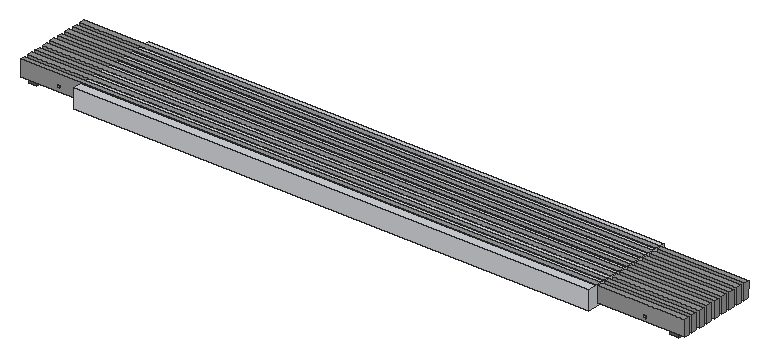
Revit family "1213-9, Veneer", category Generic Models, host Face, Revit 2020
Family settings
  Host = Face
  Can host rebar = No
  Round Connector Dimension = Use Diameter
  Part Type = Normal
  Cut with Voids When Loaded = No
  Shared = No
  Room Calculation Point = No
Parameters
  min_value [instance] = 1' - 11 1/4"  # constant formula
  max_value [instance] = 9' - 11 1/4"  # constant formula
  actual_value [instance] = if(NET LENGTH < min_value, min_value, if(NET LENGTH > max_value, max_value, NET LENGTH))  # 7' - 11 1/4"
  NET LENGTH [instance] = 7' - 11 1/4"
  IMPORTANT NOTE!!!                                                                             *Backer & dowel layout is for visualization purposes only, final layout to be determined by 9Wood. [instance] = ""
  Default Elevation = 4' - 0"
  DOWEL RADIUS [instance] = 0' - 0 1/4"  # constant formula
  BACKING M MATERIAL [instance] = BLACK-BACKERS
  .. MEMBER WIDTH [instance] = 0' - 0 3/4"  # constant formula
  .. MEMBER MATERIAL [instance] = Veneer Cherry
  .. MEMBER DEPTH [instance] = 0' - 2 1/4"  # constant formula
  .. MEMBER COUNT [instance] = 9  # constant formula
Reference planes (in)
  plane 1 "Center (Front/Back)": y = 0
  plane 2: z = 2.726
  plane 3 "Center (Left/Right)": x = 0
Forms (in)
  Extrusion 1, solid
    sketch origin (15, -0.86619, -0.99308) x (0, 1, 0) y (-1, 0, 0)
      loop
        line (3.42869, -23.66817) -> (3.42869, 50.25) -> (-10, 50.25) -> (-10, -23.66817) -> (3.42869, -23.66817)
    from 3.71908 to 1.00111
Dimensions and locks (in)
  aligned and locked: plane 2 to Extrusion 1
Nested families (in)
  nested 1: "1200 Series" at (-44, -2, 1.87867), NET LENGTH <- "actual_value", DOWEL RADII <- "DOWEL RADIUS", .. MEMBER WIDTH <- ".. MEMBER WIDTH", .. MEMBER DEPTH <- ".. MEMBER DEPTH", .. MEMBER MATERIAL <- ".. MEMBER MATERIAL", BACKING M MATERIAL <- "BACKING M MATERIAL", .. MEMBER COUNT <- ".. MEMBER COUNT", type "1200 Series"
    with X 7' - 4", WIDTH 1' - 0 1/16", Space 0' - 0 11/16", START 0' - 0 3/8", SCRIM MATERIAL SCRIM, SCRIM 3 8' - 1", SCRIM 2 0' - 0 7/8", SCRIM 1 0' - 0 3/32", SCRIM yes, NET LENGTH 7' - 11 1/4", N 8, INSET 3 0' - 0 3/16", INSET 0' - 1", INDEX 0' - 5 5/8", END BACKER yes, DOWEL RADII 0' - 0 1/4", DOWEL COUNT 8, BACKING M WIDTH 0' - 1 1/4", BACKING M MATERIAL BLACK-BACKERS, BACKING M LENGTH 0' - 11 7/8", BACKING M DEPTH 0' - 0 1/2", .. MEMBER WIDTH 0' - 0 3/4", .. MEMBER OC TYP 0' - 1.33333", .. MEMBER MATERIAL Veneer Cherry, .. MEMBER DEPTH 0' - 2 1/4", .. MEMBER COUNT 9
Definition of nested family "1200 Series"
  Parameters (values of type "1200 Series")
    X [instance] = NET LENGTH - (0' 3 5/8" * 2)  # 6' - 2"
    WIDTH [instance] = 1' - 0 1/16"
    Space [instance] = 0' - 0 11/16"  # constant formula
    START [instance] = .. MEMBER WIDTH / 2  # 0' - 0 3/8"
    SCRIM MATERIAL [instance] = none
    SCRIM 3 [instance] = NET LENGTH + (SCRIM 2 * 2)  # 6' - 11"
    SCRIM 2 [instance] = 0' - 0 7/8"
    SCRIM 1 [instance] = 0' - 0 3/32"
    SCRIM [instance] = yes
    NET LENGTH [instance] = 6' - 9 1/4"
    N [instance] = if((X - (rounddown(X / 1' 0") * 1' 0")) > 1' 0", rounddown(X / 1' 0") + 2, rounddown(X / 1' 0") + 1)  # 7
    INSET 3 [instance] = 0' - 0 3/16"
    INSET [instance] = 0' - 1"
    INDEX [instance] = (NET LENGTH - ((N - 1) * 1' 0")) / 2  # 0' - 4 5/8"
    END BACKER [instance] = yes
    Default Elevation = 0' - 0"
    DOWEL RADII [instance] = 0' - 0 1/4"
    DOWEL COUNT [instance] = N  # 7
    BACKING M WIDTH [instance] = 0' - 1 1/4"
    BACKING M MATERIAL [instance] = none
    BACKING M LENGTH [instance] = 0' - 11 7/8"
    BACKING M DEPTH [instance] = 0' - 0 1/2"
    .. MEMBER WIDTH [instance] = 0' - 0 3/4"
    .. MEMBER OC TYP [instance] = 1' 0" / .. MEMBER COUNT  # 0' - 3"
    .. MEMBER MATERIAL [instance] = none
    .. MEMBER DEPTH [instance] = 0' - 1 3/8"
    .. MEMBER COUNT [instance] = 4
  Reference planes (in)
    plane 1 "Center (Front/Back)": y = -7.5
    plane 2: z = 0
    plane 3 "Center (Left/Right)": x = 0
    plane 4: x = 1
    plane 5: x = 4.625
    plane 6: x = 81.25
    plane 7: x = 80.25
    plane 8: x = 16.625
    plane 9: y = -7.3125
    plane 10: y = -4.125
    plane 11: y = -7.125
    plane 12: y = 4.5625
    plane 13: y = -4.5
    plane 14: y = -7.59375
    plane 15: x = 82.125
    plane 16: y = 4.65625
    plane 17: x = -0.875
    plane 18: z = -1.375
    plane 19: z = -0.6875
  Lines and regions (in)
    model lines
      curve 1: line (4.375, -7.5, -0.6875) -> (4.875, -7.5, -0.6875)
    model lines, not visible
      curve 2: line (4.625, -7.5, -0.9375) -> (4.625, -7.5, -0.4375)
      curve 3: line (4.375, -7.5, -0.6875) -> (4.875, -7.5, -0.6875)
      curve 4: line (16.625, -7.5, -0.9375) -> (16.625, -7.5, -0.4375)
      curve 5: line (16.375, -7.5, -0.6875) -> (16.875, -7.5, -0.6875)
      curve 6: line (28.625, -7.5, -0.9375) -> (28.625, -7.5, -0.4375)
      curve 7: line (28.375, -7.5, -0.6875) -> (28.875, -7.5, -0.6875)
      curve 8: line (40.625, -7.5, -0.9375) -> (40.625, -7.5, -0.4375)
      curve 9: line (40.375, -7.5, -0.6875) -> (40.875, -7.5, -0.6875)
      curve 10: line (52.625, -7.5, -0.9375) -> (52.625, -7.5, -0.4375)
      curve 11: line (52.375, -7.5, -0.6875) -> (52.875, -7.5, -0.6875)
      curve 12: line (64.625, -7.5, -0.9375) -> (64.625, -7.5, -0.4375)
      curve 13: line (64.375, -7.5, -0.6875) -> (64.875, -7.5, -0.6875)
      curve 14: line (76.625, -7.5, -0.9375) -> (76.625, -7.5, -0.4375)
      curve 15: line (76.375, -7.5, -0.6875) -> (76.875, -7.5, -0.6875)
  Dimensions and locks (in)
    "NET LENGTH": plane 3 "Center (Left/Right)" to plane 6
    "INSET": plane 7 to plane 6
    "INDEX": plane 3 "Center (Left/Right)" to plane 5
    plane 5 to plane 8 = 1' - 0"
    "INSET 3": plane 1 "Center (Front/Back)" to plane 9
    equal spacing: group 1, group 2, group 3, group 4  (x3)
    "START": plane 11 to plane 1 "Center (Front/Back)"
    ".. MEMBER OC TYP": plane 10 to plane 11
    "WIDTH": plane 12 to plane 1 "Center (Front/Back)"
    "START": plane 10 to plane 13
    "SCRIM 1": plane 14 to plane 1 "Center (Front/Back)"
    "SCRIM 2": plane 6 to plane 15
    "SCRIM 1": plane 12 to plane 16
    "SCRIM 2": plane 17 to plane 3 "Center (Left/Right)"
    "INSET": plane 3 "Center (Left/Right)" to plane 4
    equal spacing: group 5, group 6, group 7, group 8, group 9, group 10, group 11  (x3)
    "Space": plane 19 to plane 18
    aligned and locked: level to plane 2
    aligned and locked: nested 1 to plane 4  (x2)
    aligned and locked: plane 7 to nested 2
    aligned and locked: plane 5 to nested 3
    aligned and locked: nested 1 to plane 9
    aligned and locked: plane 1 "Center (Front/Back)" to nested 4
    aligned and locked: plane 9 to nested 2
    aligned and locked: plane 13 to nested 5
    aligned and locked: nested 3 to plane 9
    aligned and locked: plane 18 to nested 1
    aligned and locked: plane 19 to nested 3
    aligned and locked: curve 1 to plane 19
    aligned and locked: plane 8 to curve 4
    aligned and locked: curve 5 to plane 19
    aligned and locked: nested 4 to plane 18
  Automatic sketch dimensions
    curve 1 to curve 1 = 0' - 0 1/2"
    curve 1 to plane 5 = 0' - 0 1/4"
    plane 5 to curve 1 = 0' - 0 1/4"
    curve 3 to curve 2 = 0' - 0 1/4"  (x2)
    curve 2 to curve 3 = 0' - 0 1/4"  (x2)
    curve 5 to curve 4 = 0' - 0 1/4"  (x2)
    curve 4 to curve 5 = 0' - 0 1/4"  (x2)
    curve 7 to curve 6 = 0' - 0 1/4"  (x2)
    curve 6 to curve 7 = 0' - 0 1/4"  (x2)
    curve 9 to curve 8 = 0' - 0 1/4"  (x2)
    curve 8 to curve 9 = 0' - 0 1/4"  (x2)
    curve 11 to curve 10 = 0' - 0 1/4"  (x2)
    curve 10 to curve 11 = 0' - 0 1/4"  (x2)
    curve 13 to curve 12 = 0' - 0 1/4"  (x2)
    curve 12 to curve 13 = 0' - 0 1/4"  (x2)
    curve 15 to curve 14 = 0' - 0 1/4"  (x2)
    curve 14 to curve 15 = 0' - 0 1/4"  (x2)
  Nested families (in)
    nested 1: "INSTANCE - 2ND -  EXTEND SIDE H CENTER W - Parametric Cube" at (1, -1.375, -1.375) x (0, -1, 0) z (0, 0, 1), Width <- "BACKING M LENGTH", Length <- "BACKING M WIDTH", Material <- "BACKING M MATERIAL", Height <- "BACKING M DEPTH", visible <- "END BACKER", type "INSTANCE - 2ND -  EXTEND SIDE H CENTER W - Parametric Cube"
      with Width 0' - 11 7/8", Material none, Length 0' - 1 1/4", Height 0' - 0 1/2"
    nested 2: "INSTANCE - 2ND -  EXTEND SIDE H CENTER W - Parametric Cube" at (80.25, -1.375, -1.375) x (0, -1, 0) z (0, 0, 1), Width <- "BACKING M LENGTH", Length <- "BACKING M WIDTH", Material <- "BACKING M MATERIAL", Height <- "BACKING M DEPTH", visible <- "END BACKER", type "INSTANCE - 2ND -  EXTEND SIDE H CENTER W - Parametric Cube"
      with Width 0' - 11 7/8", Material none, Length 0' - 1 1/4", Height 0' - 0 1/2"
    nested 3: "Family3" at (-5.375, -7.3125, -0.6875), DOWEL RADII <- "DOWEL RADII", BACKING MEM MATERIAL <- "BACKING M MATERIAL", type "Family3"
      with DOWEL RADII 0' - 0 1/4", DOWEL LENGTH 0' - 11 7/8", BACKING MEM MATERIAL none
    nested 4: "HOLED MEMBER" at (0, -18.75, 6.19404), DOWEL RADII <- "DOWEL RADII", .. MEMBER LENGTH <- "NET LENGTH", DOWEL COUNT <- "DOWEL COUNT", DEPTH <- ".. MEMBER DEPTH", .. MEMBER WIDTH <- ".. MEMBER WIDTH", Material <- ".. MEMBER MATERIAL", DOWEL INDEX <- "INDEX", Space 2 <- "Space", type "HOLED MEMBER"
      with Width 0' - 6", Space 2 0' - 0 11/16", Material none, Length 1' - 0", Height 0' - 10.43096", DOWEL RADII 0' - 0 1/4", DOWEL OC DIST 1' - 0", DOWEL INDEX 0' - 4 5/8", DOWEL COUNT 7, DEPTH 0' - 1 3/8", .. MEMBER WIDTH 0' - 0 3/4", .. MEMBER LENGTH 6' - 9 1/4"
    nested 5: "HOLED MEMBER" at (0, -15.75, 6.19404), DOWEL RADII <- "DOWEL RADII", .. MEMBER LENGTH <- "NET LENGTH", DOWEL COUNT <- "DOWEL COUNT", DEPTH <- ".. MEMBER DEPTH", .. MEMBER WIDTH <- ".. MEMBER WIDTH", Material <- ".. MEMBER MATERIAL", DOWEL INDEX <- "INDEX", Space 2 <- "Space", type "HOLED MEMBER"
      with Width 0' - 6", Space 2 0' - 0 11/16", Material none, Length 1' - 0", Height 0' - 10.43096", DOWEL RADII 0' - 0 1/4", DOWEL OC DIST 1' - 0", DOWEL INDEX 0' - 4 5/8", DOWEL COUNT 7, DEPTH 0' - 1 3/8", .. MEMBER WIDTH 0' - 0 3/4", .. MEMBER LENGTH 6' - 9 1/4"
    nested 6: "HOLED MEMBER" at (0, -12.75, 6.19404), DOWEL RADII <- "DOWEL RADII", .. MEMBER LENGTH <- "NET LENGTH", DOWEL COUNT <- "DOWEL COUNT", DEPTH <- ".. MEMBER DEPTH", .. MEMBER WIDTH <- ".. MEMBER WIDTH", Material <- ".. MEMBER MATERIAL", DOWEL INDEX <- "INDEX", Space 2 <- "Space", type "HOLED MEMBER"
      with Width 0' - 6", Space 2 0' - 0 11/16", Material none, Length 1' - 0", Height 0' - 10.43096", DOWEL RADII 0' - 0 1/4", DOWEL OC DIST 1' - 0", DOWEL INDEX 0' - 4 5/8", DOWEL COUNT 7, DEPTH 0' - 1 3/8", .. MEMBER WIDTH 0' - 0 3/4", .. MEMBER LENGTH 6' - 9 1/4"
    nested 7: "HOLED MEMBER" at (0, -9.75, 6.19404), DOWEL RADII <- "DOWEL RADII", .. MEMBER LENGTH <- "NET LENGTH", DOWEL COUNT <- "DOWEL COUNT", DEPTH <- ".. MEMBER DEPTH", .. MEMBER WIDTH <- ".. MEMBER WIDTH", Material <- ".. MEMBER MATERIAL", DOWEL INDEX <- "INDEX", Space 2 <- "Space", type "HOLED MEMBER"
      with Width 0' - 6", Space 2 0' - 0 11/16", Material none, Length 1' - 0", Height 0' - 10.43096", DOWEL RADII 0' - 0 1/4", DOWEL OC DIST 1' - 0", DOWEL INDEX 0' - 4 5/8", DOWEL COUNT 7, DEPTH 0' - 1 3/8", .. MEMBER WIDTH 0' - 0 3/4", .. MEMBER LENGTH 6' - 9 1/4"
    nested 8: "Family3" at (6.625, -7.3125, -0.6875), DOWEL RADII <- "DOWEL RADII", BACKING MEM MATERIAL <- "BACKING M MATERIAL", type "Family3"
      with DOWEL RADII 0' - 0 1/4", DOWEL LENGTH 0' - 11 7/8", BACKING MEM MATERIAL none
    nested 9: "Family3" at (18.625, -7.3125, -0.6875), DOWEL RADII <- "DOWEL RADII", BACKING MEM MATERIAL <- "BACKING M MATERIAL", type "Family3"
      with DOWEL RADII 0' - 0 1/4", DOWEL LENGTH 0' - 11 7/8", BACKING MEM MATERIAL none
    nested 10: "Family3" at (30.625, -7.3125, -0.6875), DOWEL RADII <- "DOWEL RADII", BACKING MEM MATERIAL <- "BACKING M MATERIAL", type "Family3"
      with DOWEL RADII 0' - 0 1/4", DOWEL LENGTH 0' - 11 7/8", BACKING MEM MATERIAL none
    nested 11: "Family3" at (42.625, -7.3125, -0.6875), DOWEL RADII <- "DOWEL RADII", BACKING MEM MATERIAL <- "BACKING M MATERIAL", type "Family3"
      with DOWEL RADII 0' - 0 1/4", DOWEL LENGTH 0' - 11 7/8", BACKING MEM MATERIAL none
    nested 12: "Family3" at (54.625, -7.3125, -0.6875), DOWEL RADII <- "DOWEL RADII", BACKING MEM MATERIAL <- "BACKING M MATERIAL", type "Family3"
      with DOWEL RADII 0' - 0 1/4", DOWEL LENGTH 0' - 11 7/8", BACKING MEM MATERIAL none
    nested 13: "Family3" at (66.625, -7.3125, -0.6875), DOWEL RADII <- "DOWEL RADII", BACKING MEM MATERIAL <- "BACKING M MATERIAL", type "Family3"
      with DOWEL RADII 0' - 0 1/4", DOWEL LENGTH 0' - 11 7/8", BACKING MEM MATERIAL none
  Definition of nested family "INSTANCE - 2ND -  EXTEND SIDE H CENTER W - Parametric Cube"
    Parameters (values of type "INSTANCE - 2ND -  EXTEND SIDE H CENTER W - Parametric Cube")
      Width [instance] = 0' - 6"
      Material [instance] = none
      Length [instance] = 1' - 0"
      Height [instance] = 1' - 6"
      Default Elevation = 0' - 0"
    Reference planes (in)
      plane 1 "Center (Front/Back)": y = 0
      plane 2: z = 0
      plane 3 "Center (Left/Right)": x = 0
      plane 4: x = -3
      plane 5: x = 3
      plane 6: y = 12
      plane 7: z = -18
    Forms (in)
      Extrusion 1, solid, material <- "Material"
        sketch origin (0, 6, 0) x (1, 0, 0) y (0, 1, 0)
          loop
            line (-3, 6) -> (-3, -6) -> (3, -6) -> (3, 6) -> (-3, 6)
        from -18 to 0
    Dimensions and locks (in)
      equal spacing: plane 4, plane 3 "Center (Left/Right)", plane 5
      "Width": plane 4 to plane 5
      "Height": plane 7 to level
      "Length": plane 1 "Center (Front/Back)" to plane 6
      aligned and locked: plane 2 to level
      aligned and locked: plane 4 to Extrusion 1 sketch curve
      aligned and locked: Extrusion 1 sketch curve to plane 5
      aligned and locked: Extrusion 1 to plane 7
      aligned and locked: plane 6 to Extrusion 1
    Automatic sketch dimensions
      plane 1 "Center (Front/Back)" to Extrusion 1 sketch curve = 0' - 0"
      plane 6 to Extrusion 1 sketch curve = 0' - 0"
  Definition of nested family "Family3"
    Parameters (values of type "Family3")
      Default Elevation = 0' - 0"
      DOWEL RADII [instance] = 0' - 0 5/8"
      DOWEL LENGTH [instance] = 0' - 5"
      BACKING MEM MATERIAL [instance] = none
    Reference planes (in)
      plane 1 "Center (Front/Back)": y = 0
      plane 2: z = 0
      plane 3 "Center (Left/Right)": x = 0
      plane 4: y = 5
    Forms (in)
      Extrusion 1, solid, material <- "BACKING MEM MATERIAL"
        sketch origin (10, 0, 0) x (1, 0, 0) y (0, 0, 1)
          loop
            circle (0, 0) r 0.625
        from 0 to -5
      Extrusion 2, solid, not visible
        sketch origin (0, 0, 0) x (1, 0, 0) y (0, 0, 1)
          loop
            circle (0, 0) r 0.625
        from 0 to 12
      Extrusion 3, solid, not visible
        sketch origin (10, 0, 0) x (1, 0, 0) y (0, 0, 1)
          loop
            circle (0, 0) r 0.625
        from 0 to 2.5
      Extrusion 4, solid, not visible
        sketch origin (10, 0, 0) x (1, 0, 0) y (0, 0, 1)
          loop
            circle (0, 0) r 0.625
        from 0 to -12
    Lines and regions (in)
      model lines, not visible
        curve 1: line (-13, 0, 0) -> (-13, -12, 0)
        curve 2: line (13, 0, 0) -> (13, -12, 0)
        curve 3: line (9.89453, 0, 0) -> (10.08794, 0, 0)
        curve 4: line (9.89453, -2.5, 0) -> (10.08794, -2.5, 0)
        curve 6: line (10, 0, 0) -> (10, 2, 0)
      model lines
        curve 5: line (10, 0, 0) -> (10, 2, 0)
    Dimensions and locks (in)
      "DOWEL LENGTH": plane 1 "Center (Front/Back)" to plane 4
      "DOWEL RADII": radius of Extrusion 1 sketch curve
      "DOWEL RADII": radius of Extrusion 2 sketch curve
      "DOWEL RADII": radius of Extrusion 3 sketch curve
      "DOWEL RADII": radius of Extrusion 4 sketch curve
      "DOWEL RADII": radius of Extrusion 1
      aligned and locked: plane 2 to level
      aligned and locked: Extrusion 1 to plane 1 "Center (Front/Back)"  (x3)
      aligned and locked: plane 1 "Center (Front/Back)" to Extrusion 1
      aligned and locked: plane 4 to Extrusion 1
    Automatic sketch dimensions
      plane 1 "Center (Front/Back)" to curve 5 = 0' - 0"
      curve 5 to plane 1 "Center (Front/Back)" = 0' - 2"
      plane 3 "Center (Left/Right)" to curve 5 = 0' - 10"
      Extrusion 1 sketch curve to level = 0' - 0"
      plane 3 "Center (Left/Right)" to Extrusion 1 sketch curve = 0' - 10"
  Definition of nested family "HOLED MEMBER"
    Parameters (values of type "HOLED MEMBER")
      Width [instance] = 0' - 6"
      Space 2 [instance] = 0' - 0 5/8"
      Space = 0' - 0 5/8"
      Material [instance] = none
      Length [instance] = 1' - 0"
      Height [instance] = 0' - 10.43096"
      Default Elevation = 0' - 0"
      DOWEL RADII [instance] = 0' - 0.34537"
      DOWEL OC DIST [instance] = 1' - 0"
      DOWEL INSET = 0' - 0 5/8"
      DOWEL INDEX [instance] = 0' - 5 5/8"
      DOWEL COUNT [instance] = 6
      DEPTH [instance] = 0' - 2"
      .. MEMBER WIDTH [instance] = 0' - 0 5/8"
      .. MEMBER LENGTH [instance] = 5' - 11 3/4"
    Reference planes (in)
      plane 1 "Center (Front/Back)": y = 12
      plane 2: z = -7.56904
      plane 3 "Center (Left/Right)": x = 0
      plane 4: x = 5.625
      plane 5: x = 17.625
      plane 6: y = 11.375
      plane 7: x = 71.75
      plane 8: z = -6.94404
      plane 9: z = -5.56904
    Forms (in)
      Extrusion 1, solid, material <- "Material"
        sketch origin (0, 12, -13.56904) x (1, 0, 0) y (0, 0, 1)
          loop
            line (0, 6) -> (71.75, 6) -> (71.75, 8) -> (0, 8) -> (0, 6)
        from 0.625 to 0
      Extrusion 2, void
        sketch origin (0, 12, -18.31904) x (1, 0, 0) y (0, 0, 1)
          loop
            circle (5.625, 11.375) r 0.34537
        from 0 to 12
      Extrusion 3, void, not visible
        sketch origin (0, 1.25, 0) x (1, 0, 0) y (0, 1, 0)
          loop
            circle (5.625, 11.375) r 0.34537
        from 0 to 12
      Extrusion 4, void, not visible
        sketch origin (0, 1.25, 0) x (1, 0, 0) y (0, 1, 0)
          loop
            circle (5.625, 11.375) r 0.34537
        from 0 to 12
      Extrusion 5, void, not visible
        sketch origin (12, 1.25, 0) x (1, 0, 0) y (0, 1, 0)
          loop
            circle (5.625, 11.375) r 0.34537
        from 0 to 12
      Extrusion 6, void, not visible
        sketch origin (0, 12, -16.31904) x (1, 0, 0) y (0, 0, 1)
          loop
            circle (5.625, 11.375) r 0.34537
        from 0 to 12
      Extrusion 7, void, not visible
        sketch origin (12, 12, -16.31904) x (1, 0, 0) y (0, 0, 1)
          loop
            circle (5.625, 11.375) r 0.34537
        from 0 to 12
      Extrusion 8, void, not visible
        sketch origin (0, 12, -18.31904) x (1, 0, 0) y (0, 0, 1)
          loop
            circle (5.625, 11.375) r 0.34537
        from 0 to 12
      Extrusion 9, void
        sketch origin (12, 12, -18.31904) x (1, 0, 0) y (0, 0, 1)
          loop
            circle (5.625, 11.375) r 0.34537
        from 0 to 12
      Extrusion 10, void, not visible
        sketch origin (24, 12, -16.31904) x (1, 0, 0) y (0, 0, 1)
          loop
            circle (5.625, 11.375) r 0.34537
        from 0 to 12
      Extrusion 11, void, not visible
        sketch origin (36, 12, -16.31904) x (1, 0, 0) y (0, 0, 1)
          loop
            circle (5.625, 11.375) r 0.34537
        from 0 to 12
      Extrusion 12, void, not visible
        sketch origin (48, 12, -16.31904) x (1, 0, 0) y (0, 0, 1)
          loop
            circle (5.625, 11.375) r 0.34537
        from 0 to 12
      Extrusion 13, void, not visible
        sketch origin (60, 12, -16.31904) x (1, 0, 0) y (0, 0, 1)
          loop
            circle (5.625, 11.375) r 0.34537
        from 0 to 12
      Extrusion 14, void, not visible
        sketch origin (24, 1.25, 0) x (1, 0, 0) y (0, 1, 0)
          loop
            circle (5.625, 11.375) r 0.34537
        from 0 to 12
      Extrusion 15, void, not visible
        sketch origin (36, 1.25, 0) x (1, 0, 0) y (0, 1, 0)
          loop
            circle (5.625, 11.375) r 0.34537
        from 0 to 12
      Extrusion 16, void, not visible
        sketch origin (48, 1.25, 0) x (1, 0, 0) y (0, 1, 0)
          loop
            circle (5.625, 11.375) r 0.34537
        from 0 to 12
      Extrusion 17, void, not visible
        sketch origin (60, 1.25, 0) x (1, 0, 0) y (0, 1, 0)
          loop
            circle (5.625, 11.375) r 0.34537
        from 0 to 12
      Extrusion 18, void
        sketch origin (24, 12, -18.31904) x (1, 0, 0) y (0, 0, 1)
          loop
            circle (5.625, 11.375) r 0.34537
        from 0 to 12
      Extrusion 19, void
        sketch origin (36, 12, -18.31904) x (1, 0, 0) y (0, 0, 1)
          loop
            circle (5.625, 11.375) r 0.34537
        from 0 to 12
      Extrusion 20, void
        sketch origin (48, 12, -18.31904) x (1, 0, 0) y (0, 0, 1)
          loop
            circle (5.625, 11.375) r 0.34537
        from 0 to 12
      Extrusion 21, void
        sketch origin (60, 12, -18.31904) x (1, 0, 0) y (0, 0, 1)
          loop
            circle (5.625, 11.375) r 0.34537
        from 0 to 12
    Cuts and joins
      Extrusion 2, Extrusion 9, Extrusion 18, Extrusion 19, Extrusion 20, Extrusion 21 cuts Extrusion 1
    Lines and regions (in)
      model lines, not visible
        curve 1: line (5.625, 11.72037, 0) -> (5.625, 11.02963, 0)
        curve 2: line (5.625, 11.72037, 0) -> (5.625, 11.02963, 0)
        curve 3: line (17.625, 11.72037, 0) -> (17.625, 11.02963, 0)
        curve 4: line (5.625, 12, -7.56904) -> (5.625, 11.87317, -7.56904)
        curve 5: line (5.625, 11.87317, -7.56904) -> (5.06195, 11.87317, -7.56904)
        curve 6: line (5.06195, 11.87317, -7.56904) -> (5.27963, 11.375, -7.56904)
        curve 7: line (0, 12, -6.19404) -> (0, 11.61951, -6.19404)
        curve 8: line (0, 11.375, -8.19404) -> (0, 11.6747, -8.19404)
        curve 9: line (5.625, 12, -7.56904) -> (5.625, 11.69863, -7.56904)
        curve 11: line (5.625, 12, 0) -> (5.625, 12, 0.30137)
        curve 12: line (5.625, 12, 0) -> (5.625, 12, 0.30137)
        curve 13: line (17.625, 12, 0) -> (17.625, 12, 0.30137)
        curve 14: line (5.625, 12, -5.56904) -> (5.625, 11.69863, -5.56904)
        curve 15: line (17.625, 12, -5.56904) -> (17.625, 11.69863, -5.56904)
        curve 16: line (5.625, 12, -7.56904) -> (5.625, 11.69863, -7.56904)
        curve 18: line (29.625, 12, -5.56904) -> (29.625, 11.69863, -5.56904)
        curve 19: line (41.625, 12, -5.56904) -> (41.625, 11.69863, -5.56904)
        curve 20: line (53.625, 12, -5.56904) -> (53.625, 11.69863, -5.56904)
        curve 21: line (65.625, 12, -5.56904) -> (65.625, 11.69863, -5.56904)
        curve 22: line (29.625, 11.72037, 0) -> (29.625, 11.02963, 0)
        curve 23: line (29.625, 12, 0) -> (29.625, 12, 0.30137)
        curve 24: line (41.625, 11.72037, 0) -> (41.625, 11.02963, 0)
        curve 25: line (41.625, 12, 0) -> (41.625, 12, 0.30137)
        curve 26: line (53.625, 11.72037, 0) -> (53.625, 11.02963, 0)
        curve 27: line (53.625, 12, 0) -> (53.625, 12, 0.30137)
        curve 28: line (65.625, 11.72037, 0) -> (65.625, 11.02963, 0)
        curve 29: line (65.625, 12, 0) -> (65.625, 12, 0.30137)
        curve 35: line (5.27963, 12.625, 0) -> (5.97037, 12.625, 0)
        curve 36: line (5.27963, 12.625, 0) -> (5.97037, 12.625, 0)
        curve 37: line (17.27963, 12.625, 0) -> (17.97037, 12.625, 0)
        curve 38: line (5.27963, 12, -4.94404) -> (5.97037, 12, -4.94404)
        curve 39: line (17.27963, 12, -4.94404) -> (17.97037, 12, -4.94404)
        curve 40: line (5.27963, 12, -6.94404) -> (5.97037, 12, -6.94404)
        curve 42: line (29.27963, 12, -4.94404) -> (29.97037, 12, -4.94404)
        curve 43: line (41.27963, 12, -4.94404) -> (41.97037, 12, -4.94404)
        curve 44: line (53.27963, 12, -4.94404) -> (53.97037, 12, -4.94404)
        curve 45: line (65.27963, 12, -4.94404) -> (65.97037, 12, -4.94404)
        curve 46: line (29.27963, 12.625, 0) -> (29.97037, 12.625, 0)
        curve 47: line (41.27963, 12.625, 0) -> (41.97037, 12.625, 0)
        curve 48: line (53.27963, 12.625, 0) -> (53.97037, 12.625, 0)
        curve 49: line (65.27963, 12.625, 0) -> (65.97037, 12.625, 0)
        curve 54: line (0, 12, -6.94404) -> (0, 4.22059, -6.94404)
        curve 55: line (0, 12.625, 0) -> (0, 12.625, 7.77941)
        curve 56: line (0, 12.625, 0) -> (0, 12.625, 7.77941)
        curve 57: line (12, 12.625, 0) -> (12, 12.625, 7.77941)
        curve 58: line (0, 12, -4.94404) -> (0, 4.22059, -4.94404)
        curve 59: line (12, 12, -4.94404) -> (12, 4.22059, -4.94404)
        curve 60: line (0, 12, -6.94404) -> (0, 4.22059, -6.94404)
        curve 61: line (12, 12, -6.94404) -> (12, 4.22059, -6.94404)
        curve 62: line (24, 12, -4.94404) -> (24, 4.22059, -4.94404)
        curve 63: line (36, 12, -4.94404) -> (36, 4.22059, -4.94404)
        curve 64: line (48, 12, -4.94404) -> (48, 4.22059, -4.94404)
        curve 65: line (60, 12, -4.94404) -> (60, 4.22059, -4.94404)
        curve 66: line (24, 12.625, 0) -> (24, 12.625, 7.77941)
        curve 67: line (36, 12.625, 0) -> (36, 12.625, 7.77941)
        curve 68: line (48, 12.625, 0) -> (48, 12.625, 7.77941)
        curve 69: line (60, 12.625, 0) -> (60, 12.625, 7.77941)
        curve 70: line (24, 12, -6.94404) -> (24, 4.22059, -6.94404)
        curve 71: line (36, 12, -6.94404) -> (36, 4.22059, -6.94404)
        curve 72: line (48, 12, -6.94404) -> (48, 4.22059, -6.94404)
        curve 73: line (60, 12, -6.94404) -> (60, 4.22059, -6.94404)
      model lines
        curve 10: line (5.625, 12, -7.56904) -> (5.625, 11.69863, -7.56904)
        curve 17: line (17.625, 12, -7.56904) -> (17.625, 11.69863, -7.56904)
        curve 30: line (29.625, 12, -7.56904) -> (29.625, 11.69863, -7.56904)
        curve 31: line (41.625, 12, -7.56904) -> (41.625, 11.69863, -7.56904)
        curve 32: line (53.625, 12, -7.56904) -> (53.625, 11.69863, -7.56904)
        curve 33: line (65.625, 12, -7.56904) -> (65.625, 11.69863, -7.56904)
        curve 34: line (5.27963, 12, -6.94404) -> (5.97037, 12, -6.94404)
        curve 41: line (17.27963, 12, -6.94404) -> (17.97037, 12, -6.94404)
        curve 50: line (29.27963, 12, -6.94404) -> (29.97037, 12, -6.94404)
        curve 51: line (41.27963, 12, -6.94404) -> (41.97037, 12, -6.94404)
        curve 52: line (53.27963, 12, -6.94404) -> (53.97037, 12, -6.94404)
        curve 53: line (65.27963, 12, -6.94404) -> (65.97037, 12, -6.94404)
    Dimensions and locks (in)
      "DOWEL INDEX": plane 3 "Center (Left/Right)" to plane 4
      "DOWEL OC DIST": plane 4 to plane 5
      ".. MEMBER LENGTH": plane 3 "Center (Left/Right)" to plane 7
      equal spacing: group 3, group 4, group 17, group 18, group 19, group 20  (x3)
      equal spacing: group 7, group 8, group 13, group 14, group 15, group 16  (x3)
      equal spacing: group 1, group 12, group 21, group 22, group 23, group 24  (x3)
      ".. MEMBER WIDTH": plane 6 to plane 1 "Center (Front/Back)"
      "DEPTH": plane 9 to level
      "Space 2": plane 8 to level
      "DOWEL RADII": radius of Extrusion 2 sketch curve
      "DOWEL RADII": radius of Extrusion 3 sketch curve
      "DOWEL RADII": radius of Extrusion 4 sketch curve
      "DOWEL RADII": radius of Extrusion 5 sketch curve
      "DOWEL RADII": radius of Extrusion 6 sketch curve
      "DOWEL RADII": radius of Extrusion 7 sketch curve
      "DOWEL RADII": radius of Extrusion 8 sketch curve
      "DOWEL RADII": radius of Extrusion 9 sketch curve
      "DOWEL RADII": radius of Extrusion 10 sketch curve
      "DOWEL RADII": radius of Extrusion 11 sketch curve
      "DOWEL RADII": radius of Extrusion 12 sketch curve
      "DOWEL RADII": radius of Extrusion 13 sketch curve
      "DOWEL RADII": radius of Extrusion 14 sketch curve
      "DOWEL RADII": radius of Extrusion 15 sketch curve
      "DOWEL RADII": radius of Extrusion 16 sketch curve
      "DOWEL RADII": radius of Extrusion 17 sketch curve
      "DOWEL RADII": radius of Extrusion 18 sketch curve
      "DOWEL RADII": radius of Extrusion 19 sketch curve
      "DOWEL RADII": radius of Extrusion 20 sketch curve
      "DOWEL RADII": radius of Extrusion 21 sketch curve
      aligned and locked: level to plane 2
      aligned and locked: Extrusion 1 to plane 3 "Center (Left/Right)"  (x2)
      aligned and locked: plane 7 to cut or joined group of Extrusion 1, Extrusion 2, Extrusion 9, Extrusion 18, Extrusion 19, Extrusion 20, Extrusion 21  (x2)
      aligned and locked: cut or joined group of Extrusion 1, Extrusion 2, Extrusion 9, Extrusion 18, Extrusion 19, Extrusion 20, Extrusion 21 to plane 1 "Center (Front/Back)"  (x2)
      aligned and locked: cut or joined group of Extrusion 1, Extrusion 2, Extrusion 9, Extrusion 18, Extrusion 19, Extrusion 20, Extrusion 21 to plane 6  (x2)
      aligned and locked: plane 4 to curve 10
      aligned and locked: plane 5 to curve 17
      aligned and locked: plane 9 to cut or joined group of Extrusion 1, Extrusion 2, Extrusion 9, Extrusion 18, Extrusion 19, Extrusion 20, Extrusion 21  (x2)
      aligned and locked: cut or joined group of Extrusion 1, Extrusion 2, Extrusion 9, Extrusion 18, Extrusion 19, Extrusion 20, Extrusion 21 to level
      aligned and locked: plane 8 to Extrusion 2
      aligned and locked: curve 34 to plane 8
      aligned and locked: curve 41 to plane 8
      aligned and locked: level to curve 10
      aligned and locked: curve 10 to level
      aligned and locked: plane 8 to cut or joined group of Extrusion 1, Extrusion 2, Extrusion 9, Extrusion 18, Extrusion 19, Extrusion 20, Extrusion 21
      aligned and locked: curve 54 to plane 8
    Automatic sketch dimensions
      curve 1 to curve 1 = 0' - 0.69074"
      curve 2 to curve 2 = 0' - 0.69074"
      curve 3 to curve 3 = 0' - 0.69074"
      Extrusion 1 sketch curve to plane 3 "Center (Left/Right)" = 0' - 0"
      Extrusion 1 sketch curve to plane 7 = 0' - 0"
      Extrusion 1 sketch curve to Extrusion 1 sketch curve = 0' - 2"
      level to Extrusion 1 sketch curve = 0' - 0"
      curve 9 to curve 9 = 0' - 0.30137"
      curve 10 to curve 10 = 0' - 0.30137"
      curve 11 to curve 11 = 0' - 0.30137"
      curve 12 to curve 12 = 0' - 0.30137"
      curve 13 to curve 13 = 0' - 0.30137"
      curve 14 to curve 14 = 0' - 0.30137"
      curve 15 to curve 15 = 0' - 0.30137"
      curve 16 to curve 16 = 0' - 0.30137"
      curve 17 to curve 17 = 0' - 0.30137"
      curve 18 to curve 18 = 0' - 0.30137"
      curve 19 to curve 19 = 0' - 0.30137"
      curve 20 to curve 20 = 0' - 0.30137"
      curve 21 to curve 21 = 0' - 0.30137"
      curve 22 to curve 22 = 0' - 0.69074"
      curve 23 to curve 23 = 0' - 0.30137"
      curve 24 to curve 24 = 0' - 0.69074"
      curve 25 to curve 25 = 0' - 0.30137"
      curve 26 to curve 26 = 0' - 0.69074"
      curve 27 to curve 27 = 0' - 0.30137"
      curve 28 to curve 28 = 0' - 0.69074"
      curve 29 to curve 29 = 0' - 0.30137"
      curve 30 to curve 30 = 0' - 0.30137"
      curve 31 to curve 31 = 0' - 0.30137"
      curve 32 to curve 32 = 0' - 0.30137"
      curve 33 to curve 33 = 0' - 0.30137"
      curve 34 to curve 34 = 0' - 0.69074"
      curve 35 to curve 35 = 0' - 0.69074"
      curve 36 to curve 36 = 0' - 0.69074"
      curve 37 to curve 37 = 0' - 0.69074"
      curve 38 to curve 38 = 0' - 0.69074"
      curve 39 to curve 39 = 0' - 0.69074"
      curve 40 to curve 40 = 0' - 0.69074"
      curve 41 to curve 41 = 0' - 0.69074"
      curve 42 to curve 42 = 0' - 0.69074"
      curve 43 to curve 43 = 0' - 0.69074"
      curve 44 to curve 44 = 0' - 0.69074"
      curve 45 to curve 45 = 0' - 0.69074"
      curve 46 to curve 46 = 0' - 0.69074"
      curve 47 to curve 47 = 0' - 0.69074"
      curve 48 to curve 48 = 0' - 0.69074"
      curve 49 to curve 49 = 0' - 0.69074"
      curve 50 to curve 50 = 0' - 0.69074"
      curve 51 to curve 51 = 0' - 0.69074"
      curve 52 to curve 52 = 0' - 0.69074"
      curve 53 to curve 53 = 0' - 0.69074"
      curve 54 to curve 54 = 0' - 7.77941"
      curve 55 to curve 55 = 0' - 7.77941"
      curve 56 to curve 56 = 0' - 7.77941"
      curve 57 to curve 57 = 0' - 7.77941"
      curve 58 to curve 58 = 0' - 7.77941"
      curve 59 to curve 59 = 0' - 7.77941"
      curve 60 to curve 60 = 0' - 7.77941"
      curve 61 to curve 61 = 0' - 7.77941"
      curve 62 to curve 62 = 0' - 7.77941"
      curve 63 to curve 63 = 0' - 7.77941"
      curve 64 to curve 64 = 0' - 7.77941"
      curve 65 to curve 65 = 0' - 7.77941"
      curve 66 to curve 66 = 0' - 7.77941"
      curve 67 to curve 67 = 0' - 7.77941"
      curve 68 to curve 68 = 0' - 7.77941"
      curve 69 to curve 69 = 0' - 7.77941"
      curve 70 to curve 70 = 0' - 7.77941"
      curve 71 to curve 71 = 0' - 7.77941"
      curve 72 to curve 72 = 0' - 7.77941"
      curve 73 to curve 73 = 0' - 7.77941"
